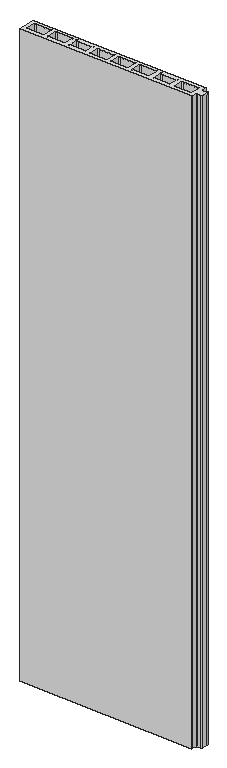
Revit family "ECP_MNH-6060T(オス側カット)", category 一般モデル, Revit 2022
Family settings
  鉄筋をホスト可能 = いいえ
  丸型コネクタ寸法 = 直径を使用
  パーツ タイプ = 標準
  作業面ベース = いいえ
  常に垂直 = はい
  ロード時にボイドで切り取り = はい
  注釈の向きを維持 = いいえ
  共有 = いいえ
  部屋計算ポイント = いいえ
Parameters (values of type "ECP_MNH-6060T")
  長さ [instance] = 2000 mm
  穴表示 = yes
  材質 = 40Msr_ECP
  既定の高さ = 0 mm
  既存長さ = 600 mm
  幅 [instance] = 590 mm
  固定寸法 = 590 mm
  厚さ = 60 mm
  オース側カット [instance] = 固定寸法 - 幅  # 0 mm
  4 オス側カット [instance] = yes
Reference planes
  plane 1 "中心(正面/背面)": y = 0
  plane 2: z = 0
  plane 3 "中心(左/右)": x = 0
  plane 4: y = -30
  plane 5: y = 30
  plane 6: z = 2000
  plane 7: x = 590
  plane 8: x = 0
Forms (mm)
  Extrusion 1, solid, material "40Msr_ECP" <- "材質", detail levels fine
    sketch origin (0, 0, 0) x (1, 0, 0) y (0, 1, 0)
      loop
        line (0, -28) -> (2, -30) -> (588, -30) -> (590, -28) -> (590, -16)
        arc (590, -16) -> (590.879, -13.879) -> (593, -13) r 3
        line (593, -13) -> (607, -13)
        arc (607, -13) -> (609.121, -12.121) -> (610, -10) r 3
        line (610, -10) -> (610, 10)
        arc (610, 10) -> (609.121, 12.121) -> (607, 13) r 3
        line (607, 13) -> (593, 13)
        arc (593, 13) -> (590.879, 13.879) -> (590, 16) r 3
        line (590, 16) -> (590, 28) -> (588, 30) -> (2, 30) -> (0, 28) -> (0, 16)
        arc (0, 16) -> (-0.879, 13.879) -> (-3, 13) r 3
        line (-3, 13) -> (-17, 13)
        arc (-17, 13) -> (-19.121, 12.121) -> (-20, 10) r 3
        line (-20, 10) -> (-20, -10)
        arc (-20, -10) -> (-19.121, -12.121) -> (-17, -13) r 3
        line (-17, -13) -> (-3, -13)
        arc (-3, -13) -> (-0.879, -13.879) -> (0, -16) r 3
        line (0, -16) -> (0, -28)
    from 0 to 2000
  Extrusion 2, void
    sketch origin (-50, 0, 0) x (1, 0, 0) y (0, 1, 0)
      loop
        line (50, -30) -> (50, 30) -> (30, 30) -> (30, -30) -> (50, -30)
    from 0 to 2000
  Extrusion 3, void
    sketch origin (-617, 0, 0) x (1, 0, 0) y (0, 1, 0)
      loop
        line (633, -17) -> (686.5, -17)
        arc (686.5, -17) -> (688.622, -16.121) -> (689.5, -14) r 3
        line (689.5, -14) -> (689.5, 14)
        arc (689.5, 14) -> (688.622, 16.121) -> (686.5, 17) r 3
        line (686.5, 17) -> (633, 17)
        arc (633, 17) -> (630.879, 16.121) -> (630, 14) r 3
        line (630, 14) -> (630, -14)
        arc (630, -14) -> (630.879, -16.121) -> (633, -17) r 3
      loop
        line (777.5, -17) -> (830.5, -17)
        arc (830.5, -17) -> (832.622, -16.121) -> (833.5, -14) r 3
        line (833.5, -14) -> (833.5, 14)
        arc (833.5, 14) -> (832.622, 16.121) -> (830.5, 17) r 3
        line (830.5, 17) -> (777.5, 17)
        arc (777.5, 17) -> (775.379, 16.121) -> (774.5, 14) r 3
        line (774.5, 14) -> (774.5, -14)
        arc (774.5, -14) -> (775.379, -16.121) -> (777.5, -17) r 3
      loop
        line (849.5, -17) -> (902.5, -17)
        arc (902.5, -17) -> (904.622, -16.121) -> (905.5, -14) r 3
        line (905.5, -14) -> (905.5, 14)
        arc (905.5, 14) -> (904.622, 16.121) -> (902.5, 17) r 3
        line (902.5, 17) -> (849.5, 17)
        arc (849.5, 17) -> (847.379, 16.121) -> (846.5, 14) r 3
        line (846.5, 14) -> (846.5, -14)
        arc (846.5, -14) -> (847.379, -16.121) -> (849.5, -17) r 3
      loop
        line (921.5, -17) -> (974.5, -17)
        arc (974.5, -17) -> (976.622, -16.121) -> (977.5, -14) r 3
        line (977.5, -14) -> (977.5, 14)
        arc (977.5, 14) -> (976.622, 16.121) -> (974.5, 17) r 3
        line (974.5, 17) -> (921.5, 17)
        arc (921.5, 17) -> (919.379, 16.121) -> (918.5, 14) r 3
        line (918.5, 14) -> (918.5, -14)
        arc (918.5, -14) -> (919.379, -16.121) -> (921.5, -17) r 3
      loop
        line (993.5, -17) -> (1046.5, -17)
        arc (1046.5, -17) -> (1048.622, -16.121) -> (1049.5, -14) r 3
        line (1049.5, -14) -> (1049.5, 14)
        arc (1049.5, 14) -> (1048.622, 16.121) -> (1046.5, 17) r 3
        line (1046.5, 17) -> (993.5, 17)
        arc (993.5, 17) -> (991.379, 16.121) -> (990.5, 14) r 3
        line (990.5, 14) -> (990.5, -14)
        arc (990.5, -14) -> (991.379, -16.121) -> (993.5, -17) r 3
      loop
        line (1065.5, -17) -> (1118.5, -17)
        arc (1118.5, -17) -> (1120.622, -16.121) -> (1121.5, -14) r 3
        line (1121.5, -14) -> (1121.5, 14)
        arc (1121.5, 14) -> (1120.622, 16.121) -> (1118.5, 17) r 3
        line (1118.5, 17) -> (1065.5, 17)
        arc (1065.5, 17) -> (1063.379, 16.121) -> (1062.5, 14) r 3
        line (1062.5, 14) -> (1062.5, -14)
        arc (1062.5, -14) -> (1063.379, -16.121) -> (1065.5, -17) r 3
      loop
        line (1137.5, -17) -> (1191, -17)
        arc (1191, -17) -> (1193.122, -16.121) -> (1194, -14) r 3
        line (1194, -14) -> (1194, 14)
        arc (1194, 14) -> (1193.122, 16.121) -> (1191, 17) r 3
        line (1191, 17) -> (1137.5, 17)
        arc (1137.5, 17) -> (1135.379, 16.121) -> (1134.5, 14) r 3
        line (1134.5, 14) -> (1134.5, -14)
        arc (1134.5, -14) -> (1135.379, -16.121) -> (1137.5, -17) r 3
      loop
        line (705.5, -17) -> (758.5, -17)
        arc (758.5, -17) -> (760.622, -16.121) -> (761.5, -14) r 3
        line (761.5, -14) -> (761.5, 14)
        arc (761.5, 14) -> (760.622, 16.121) -> (758.5, 17) r 3
        line (758.5, 17) -> (705.5, 17)
        arc (705.5, 17) -> (703.379, 16.121) -> (702.5, 14) r 3
        line (702.5, 14) -> (702.5, -14)
        arc (702.5, -14) -> (703.379, -16.121) -> (705.5, -17) r 3
    from 0 to 2000
Cuts and joins
  Extrusion 2, Extrusion 3 cuts Extrusion 1
Lines and regions (mm)
  symbolic lines, style "ECPパネル", detail levels coarse+medium
    curve 1: line (0, 30, 0) -> (590, 30, 0)
    curve 2: line (0, -30, 0) -> (0, 30, 0)
    curve 3: line (590, -30, 0) -> (0, -30, 0)
    curve 4: line (590, 30, 0) -> (590, -30, 0)
    curve 5: line (0, 0, 0) -> (590, 0, 0)
    curve 6: line (0, 0, 2000) -> (0, 0, 0)
    curve 7: line (590, 0, 2000) -> (0, 0, 2000)
    curve 8: line (590, 0, 0) -> (590, 0, 2000)
    curve 9: line (0, -30, 2000) -> (0, 30, 2000)
    curve 10: line (0, -30, 0) -> (0, -30, 2000)
    curve 11: line (0, 30, 0) -> (0, -30, 0)
    curve 12: line (0, 30, 2000) -> (0, 30, 0)
Dimensions and locks
  "厚さ": plane 4 to plane 5
  "長さ": plane 6 to level
  equal spacing: plane 4, plane 1 "中心(正面/背面)", plane 5
  "長さ": cut or joined group of Extrusion 1, Extrusion 2, Extrusion 3 to level
  "長さ": Extrusion 2 to level
  "幅": cut or joined group of Extrusion 1, Extrusion 2, Extrusion 3 to curve 8
  "長さ": level to Extrusion 3
  "オース側カット": plane 3 "中心(左/右)" to Extrusion 2 sketch curve
  "幅": plane 8 to plane 7
  "固定寸法": plane 3 "中心(左/右)" to plane 7
  aligned and locked: level to plane 2
Automatic sketch dimensions
  curve 11 to level = 0 mm
  curve 11 to plane 4 = 0 mm
  curve 11 to plane 5 = 0 mm
  curve 10 to plane 6 = 0 mm
  curve 7 to plane 3 "中心(左/右)" = 0 mm
  curve 5 to level = 0 mm
  curve 7 to plane 6 = 0 mm
  plane 4 to Extrusion 2 sketch curve = 0 mm
  plane 5 to Extrusion 2 sketch curve = 0 mm
  Extrusion 2 sketch curve to plane 3 "中心(左/右)" = 20 mm
  plane 3 "中心(左/右)" to Extrusion 3 sketch curve = 13 mm
  Extrusion 3 sketch curve to Extrusion 3 sketch curve = 3 mm  (x24)
  plane 5 to Extrusion 3 sketch curve = 13 mm  (x6)
  Extrusion 3 sketch curve to Extrusion 3 sketch curve = 53.5 mm
  Extrusion 3 sketch curve to Extrusion 3 sketch curve = 0 mm  (x9)
  Extrusion 3 sketch curve to Extrusion 3 sketch curve = 13 mm  (x7)
  Extrusion 3 sketch curve to Extrusion 3 sketch curve = 53 mm  (x6)
  Extrusion 3 sketch curve to plane 4 = 13 mm  (x6)
  plane 1 "中心(正面/背面)" to Extrusion 3 sketch curve = 14 mm  (x2)
  Extrusion 3 sketch curve to plane 7 = 16 mm
  Extrusion 3 sketch curve to plane 1 "中心(正面/背面)" = 14 mm
  plane 4 to curve 3 = 0 mm
  curve 3 to plane 8 = 0 mm
  curve 3 to plane 7 = 0 mm
  plane 5 to curve 2 = 0 mm
  Extrusion 1 sketch curve to plane 3 "中心(左/右)" = 0 mm  (x2)
  plane 5 to Extrusion 1 sketch curve = 0 mm
  plane 4 to Extrusion 1 sketch curve = 0 mm
  Extrusion 1 sketch curve to plane 7 = 0 mm  (x2)
  Extrusion 1 sketch curve to plane 3 "中心(左/右)" = 3 mm  (x2)
  Extrusion 1 sketch curve to Extrusion 1 sketch curve = 14 mm  (x4)
  Extrusion 1 sketch curve to Extrusion 1 sketch curve = 3 mm  (x3)
  Extrusion 1 sketch curve to plane 7 = 2 mm  (x2)
  plane 7 to Extrusion 1 sketch curve = 3 mm
  Extrusion 1 sketch curve to plane 4 = 2 mm  (x2)
  Extrusion 1 sketch curve to plane 4 = 14 mm
  Extrusion 1 sketch curve to Extrusion 1 sketch curve = 12 mm
  Extrusion 1 sketch curve to plane 1 "中心(正面/背面)" = 10 mm  (x2)
  plane 5 to Extrusion 1 sketch curve = 2 mm  (x2)
  plane 3 "中心(左/右)" to Extrusion 1 sketch curve = 2 mm  (x2)
